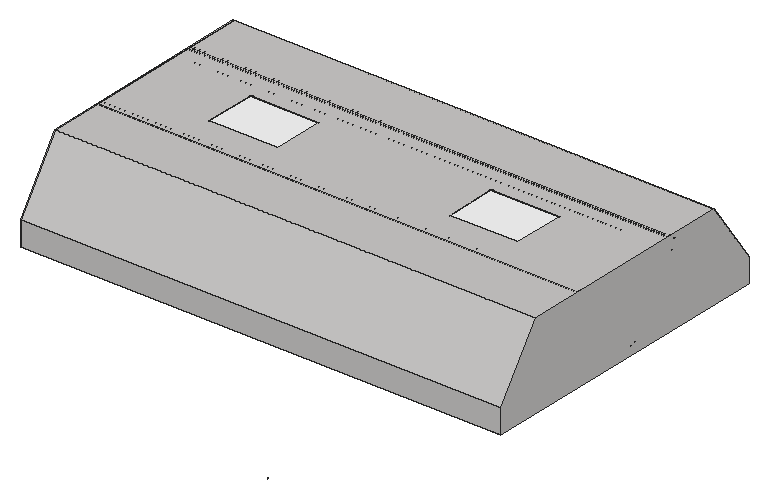
Revit family "QF_ELECTROLUXPROFESSIONAL_642360_BC1828DT", category Attrezzature speciali, Revit 2021
Family settings
  Quota connettore circolare = Usa diametro
  Tipo di parte = Normale
  Basato su piano di lavoro = No
  Sempre verticale = Sì
  Taglio con vuoti quando caricato = No
  Condiviso = No
  Punto di calcolo locali = No
Parameters (values of type "Standard")
  Weight = 92.00 kg
  Watts = 0 W
  Volts = 0 V
  URL Manufacturer = "https://www.electroluxprofessional.com/"
  URL = "https://www.electroluxprofessional.com/"
  Steam Supply Size = 0 mm
  Steam Supply Minimum Pressure = 0.0 Pa
  Steam Supply Maximum Pressure = 0.0 Pa
  Steam Consumption per Hour = 0
  Refrigeration Suction Line Size = 0 mm
  Refrigeration Liquid Line Size = 0 mm
  Refrigerant Compressor Remote = yes
  Prospetto di default = 0 mm
  Produttore = "Electrolux Professional"
  Phase = 0
  Modello = "BC1828DT"
  Length Actual = 2800 mm  # constant formula
  Item Number = "642360"
  Hot Water Size = 0 mm
  Height Actual = 500 mm  # constant formula
  HP = "0 HP"
  Gas Size = 0 mm
  Gas KW = 0
  Gas Input Pressure = 0 W
  Direct Waste Size = 0 mm
  Descrizione = "304 S/S ISLAND HOOD+FILTERS 2800X1800MM"
  Depth Actual = 1800 mm  # constant formula
  Cycle = 0 Hz
  Condensate Return Size = 0 mm
  Compressed Air Volume = 0.0 L/s
  Compressed Air Size = 0 mm
  Compressed Air Pressure = 0.0 Pa
  Cold Water Size = 0 mm
  Accessory = yes
Reference planes
  plane 1: z = 0
  plane 2 "Center (Left/Right)": x = 150
  plane 3 "LEFT": x = -1250
  plane 4 "RIGHT": x = 1550
  plane 5 "BACK": y = 550
  plane 6 "TOP": z = 2500
  plane 7 "Base": z = 2000
  plane 8: z = 1946
  plane 9: x = -1247
  plane 10 "DrainX": x = 1399
  plane 11 "AOLeft2": x = -350
  plane 12 "AORight1": x = 650
  plane 13: x = 1547
  plane 14: x = -1050
  plane 15: x = 1350
  plane 16: x = 50
  plane 17: x = 250
  plane 18 "AOLeft1": x = -750
  plane 19 "AORight2": x = 1050
  plane 20: y = -200
  plane 21: y = -500
  plane 22 "Center (Front/Back)": y = -350
  plane 23: y = -1250
  plane 24: through (0, -401.379, 2046.209) normal (0, 0.8019, 0.5974)
  plane 25: through (0, -298.621, 2046.209) normal (0, 0.8019, -0.5974)
  plane 26: z = 2140
Forms (mm)
  Extrusion 1, solid, material "QF_Finishes_Stainless Steel"
    sketch origin (-1250, 0, 360) x (0, 1, 0) y (0, 0, 1)
      loop
        line (550, 1640) -> (550, 1780) -> (299.446, 2140) -> (-999.446, 2140) -> (-1250, 1780) -> (-1250, 1640) -> (550, 1640)
    from 0 to 3
  Extrusion 2, solid, material "QF_Finishes_Stainless Steel"
    sketch origin (1550, 0, 360) x (0, 1, 0) y (0, 0, 1)
      loop
        line (550, 1640) -> (550, 1780) -> (299.446, 2140) -> (-999.446, 2140) -> (-1250, 1780) -> (-1250, 1640) -> (550, 1640)
    from 0 to -3
  Extrusion 3, solid, material "QF_Finishes_Stainless Steel"
    sketch origin (150, 0, 360) x (0, 1, 0) y (0, 0, 1)
      loop
        line (-999.446, 2140) -> (-1250, 1780) -> (-1250, 1640) -> (-1240, 1640) -> (-1240, 1640.8) -> (-1249.2, 1640.8) -> (-1249.2, 1779.739) -> (-999.025, 2139.19) -> (299.025, 2139.19) -> (549.2, 1779.739) -> (549.2, 1640.8) -> (540, 1640.8) -> (540, 1640) -> (550, 1640) -> (550, 1780) -> (299.446, 2140) -> (-999.446, 2140)
    from -1400 to 1400
  Extrusion 4, void
    sketch origin (0, 0, 2500) x (0, 1, 0) y (-1, 0, 0)
      loop
        line (-200, 350) -> (-200, 750) -> (-500, 750) -> (-500, 350) -> (-200, 350)
    from 0 to -10
  Extrusion 5, solid, material "QF_Finishes_Stainless Steel"
    sketch origin (0, 0, 0) x (1, 0, 0) y (0, 1, 0)
      loop
        line (-1250, 550) -> (-1250, 549) -> (-1249, 549) -> (-1249, 550) -> (-1250, 550)
    from 0 to 1
  Extrusion 6, solid, material "QF_Finishes_Stainless Steel"
    sketch origin (150, -400, 360) x (0, 1, 0) y (0, 0, 1)
      loop
        line (-298.883, 2085.553) -> (-1.379, 1686.209) -> (14.66, 1698.157) -> (-282.844, 2097.501) -> (-298.883, 2085.553)
      loop
        line (398.883, 2085.553) -> (382.844, 2097.501) -> (85.34, 1698.157) -> (101.379, 1686.209) -> (398.883, 2085.553)
    from -1200 to -1397
  Extrusion 7, solid, material "QF_Finishes_Stainless Steel"
    sketch origin (150, -400, 360) x (0, 1, 0) y (0, 0, 1)
      loop
        arc (116.056, 1704.554) -> (115.455, 1704.706) -> (114.923, 1704.389) r 0.81
        line (114.923, 1704.389) -> (100.465, 1684.991) -> (83.389, 1687.002) -> (86.391, 1712.615) -> (85.593, 1712.708) -> (82.594, 1687.095)
        arc (82.594, 1687.095) -> (82.763, 1686.499) -> (83.305, 1686.197) r 0.81
        line (83.305, 1686.197) -> (100.372, 1684.196)
        arc (100.372, 1684.196) -> (100.787, 1684.257) -> (101.116, 1684.517) r 0.81
        line (101.116, 1684.517) -> (115.564, 1703.911) -> (126.308, 1695.919) -> (100.145, 1660.79) -> (-0.145, 1660.79) -> (-26.308, 1695.919) -> (-15.564, 1703.911) -> (-1.116, 1684.517)
        arc (-1.116, 1684.517) -> (-0.787, 1684.257) -> (-0.372, 1684.196) r 0.81
        line (-0.372, 1684.196) -> (16.695, 1686.197)
        arc (16.695, 1686.197) -> (17.237, 1686.499) -> (17.406, 1687.095) r 0.81
        line (17.406, 1687.095) -> (14.407, 1712.708) -> (13.609, 1712.615) -> (16.611, 1687.002) -> (-0.465, 1684.991) -> (-14.923, 1704.389)
        arc (-14.923, 1704.389) -> (-15.455, 1704.706) -> (-16.056, 1704.554) r 0.81
        line (-16.056, 1704.554) -> (-26.786, 1696.561)
        arc (-26.786, 1696.561) -> (-27.103, 1696.028) -> (-26.951, 1695.427) r 0.81
        line (-26.951, 1695.427) -> (-0.843, 1660.381)
        arc (-0.843, 1660.381) -> (-0.5, 1660.093) -> (-0.063, 1659.99) r 0.972
        line (-0.063, 1659.99) -> (100.049, 1659.99)
        arc (100.049, 1659.99) -> (100.498, 1660.096) -> (100.851, 1660.393) r 1
        line (100.851, 1660.393) -> (126.951, 1695.427)
        arc (126.951, 1695.427) -> (127.103, 1696.028) -> (126.786, 1696.561) r 0.81
        line (126.786, 1696.561) -> (116.056, 1704.554)
      loop
        line (-292.735, 2139.19) -> (-292.735, 2129.205) -> (-317.587, 2110.686)
        arc (-317.587, 2110.686) -> (-317.904, 2110.153) -> (-317.752, 2109.552) r 0.81
        line (-317.752, 2109.552) -> (-284.894, 2065.446) -> (-295.625, 2057.438) -> (-295.147, 2056.796) -> (-284.418, 2064.79)
        arc (-284.418, 2064.79) -> (-284.1, 2065.322) -> (-284.252, 2065.923) r 0.81
        line (-284.252, 2065.923) -> (-317.117, 2110.038) -> (-291.935, 2128.798) -> (-291.935, 2138.4) -> (-262.776, 2138.4) -> (-262.776, 2070.563) -> (-261.976, 2069.49) -> (-261.976, 2139.19) -> (-292.735, 2139.19)
      loop
        line (392.735, 2139.19) -> (361.976, 2139.19) -> (361.976, 2069.49) -> (362.776, 2070.563) -> (362.776, 2138.4) -> (391.935, 2138.4) -> (391.935, 2128.798) -> (417.117, 2110.038) -> (384.252, 2065.923)
        arc (384.252, 2065.923) -> (384.1, 2065.322) -> (384.418, 2064.79) r 0.81
        line (384.418, 2064.79) -> (395.147, 2056.796) -> (395.625, 2057.438) -> (384.894, 2065.446) -> (417.752, 2109.552)
        arc (417.752, 2109.552) -> (417.904, 2110.153) -> (417.587, 2110.686) r 0.81
        line (417.587, 2110.686) -> (392.735, 2129.205) -> (392.735, 2139.19)
    from -1397 to 1397
  Extrusion 8, solid, material "QF_Finishes_Stainless Steel"
    sketch origin (150, -400, 360) x (0, 1, 0) y (0, 0, 1)
      loop
        line (-298.883, 2085.553) -> (-1.379, 1686.209) -> (14.66, 1698.157) -> (-282.844, 2097.501) -> (-298.883, 2085.553)
      loop
        line (398.883, 2085.553) -> (382.844, 2097.501) -> (85.34, 1698.157) -> (101.379, 1686.209) -> (398.883, 2085.553)
    from 1397 to 1200
  Extrusion 9, solid, material "QF_Finishes_Stainless Steel"
    sketch origin (150, -400, 360) x (0, 1, 0) y (0, 0, 1)
      loop
        line (-298.883, 2085.553) -> (-1.379, 1686.209) -> (14.66, 1698.157) -> (-282.844, 2097.501) -> (-298.883, 2085.553)
      loop
        line (398.883, 2085.553) -> (382.844, 2097.501) -> (85.34, 1698.157) -> (101.379, 1686.209) -> (398.883, 2085.553)
    from -100 to 100
  Extrusion 10, solid, material "QF_Finished_Chrome"
    sketch origin (150, -400, 360) x (0, 1, 0) y (0, 0, 1)
      loop
        line (-298.883, 2085.553) -> (-1.379, 1686.209) -> (14.66, 1698.157) -> (-282.844, 2097.501) -> (-298.883, 2085.553)
      loop
        line (398.883, 2085.553) -> (382.844, 2097.501) -> (85.34, 1698.157) -> (101.379, 1686.209) -> (398.883, 2085.553)
    from -1200 to -100
  Extrusion 11, solid, material "QF_Finished_Chrome"
    sketch origin (150, -400, 360) x (0, 1, 0) y (0, 0, 1)
      loop
        line (-298.883, 2085.553) -> (-1.379, 1686.209) -> (14.66, 1698.157) -> (-282.844, 2097.501) -> (-298.883, 2085.553)
      loop
        line (398.883, 2085.553) -> (382.844, 2097.501) -> (85.34, 1698.157) -> (101.379, 1686.209) -> (398.883, 2085.553)
    from 100 to 1200
  Sweep 12, solid, material "QF_Finishes_Stainless Steel"
    path origin (0, 0, 0) x (1, 0, 0) y (0, 1, 0)
      loop
        line (1550, 550) -> (-1250, 550) -> (-1250, -1250) -> (1550, -1250) -> (1550, 550)
    profile origin (1550, -350, 0) x (1, 0, 0) y (0, 0, 1)
      loop
        line (-3, 2000) -> (-3, 2000.8) -> (-19, 2000.8) -> (-19, 2010) -> (-20, 2010) -> (-20, 2000) -> (-3, 2000)
  Extrusion 13, void
    sketch origin (0, 0, 2500) x (0, 1, 0) y (-1, 0, 0)
      loop
        line (-200, -1050) -> (-200, -650) -> (-500, -650) -> (-500, -1050) -> (-200, -1050)
    from 0 to -10
  Extrusion 14, solid, material "QF_Finishes_Stainless Steel"
    sketch origin (1399, 0, 0) x (0, 1, 0) y (0, 0, 1)
      loop
        arc (-318.5, 1946) -> (-311.429, 1948.929) -> (-308.5, 1956) r 10
        line (-308.5, 1956) -> (-308.5, 2000.8) -> (-391.5, 2000.8) -> (-391.5, 1956)
        arc (-391.5, 1956) -> (-388.571, 1948.929) -> (-381.5, 1946) r 10
        line (-381.5, 1946) -> (-318.5, 1946)
    from -90 to 90
  Extrusion 15, solid, material "QF_Finishes_Stainless Steel"
    sketch origin (0, -1100, 2000) x (0, 1, 0) y (-1, 0, 0)
      loop
        circle (750, -1399) r 6.35
    from -3.799 to 0
Cuts and joins
  Extrusion 4, Extrusion 13 cuts Extrusion 3
  joined: Extrusion 2, Extrusion 3, Sweep 12
Lines and regions (mm)
  symbolic lines, style "SpecialityEquipment", detail levels coarse
    curve 1: line (1550, 550, 2500) -> (-1250, 550, 2500)
    curve 2: line (-1250, 550, 2500) -> (-1250, -1250.8, 2500)
    curve 3: line (1550, -1250.8, 2500) -> (1550, 550, 2500)
    curve 4: line (-1250, 299.446, 0) -> (1550, -999.446, 0)
    curve 5: line (1550, 299.446, 0) -> (-1250.605, -999.446, 0)
  symbolic lines, detail levels coarse
    curve 6: line (-750, -500, 0) -> (-350, -500, 0)
    curve 7: line (-750, -200, 0) -> (-750, -500, 0)
    curve 8: line (-350, -200, 0) -> (-750, -200, 0)
    curve 9: line (-350, -500, 0) -> (-350, -200, 0)
    curve 10: line (650, -200, 0) -> (650, -500, 0)
    curve 11: line (1050, -200, 0) -> (650, -200, 0)
    curve 12: line (1050, -500, 0) -> (1050, -200, 0)
    curve 13: line (650, -500, 0) -> (1050, -500, 0)
    curve 14: line (-1250.605, -999.446, 0) -> (1550, -999.446, 0)
    curve 15: line (1550, 299.446, 0) -> (-1250, 299.446, 0)
    curve 16: line (-1250, -1250.8, 0) -> (1550, -1250.8, 0)
Dimensions and locks
  plane 3 "LEFT" to plane 4 "RIGHT" = 2800 mm
  equal spacing: plane 3 "LEFT", plane 2 "Center (Left/Right)", plane 4 "RIGHT"
  plane 3 "LEFT" to plane 9 = 3 mm
  plane 10 "DrainX" to plane 4 "RIGHT" = 151 mm
  plane 13 to plane 4 "RIGHT" = 3 mm
  plane 3 "LEFT" to plane 14 = 200 mm
  plane 15 to plane 4 "RIGHT" = 200 mm
  locked: plane 11 "AOLeft2" to plane 12 "AORight1" at 1000
  equal spacing: plane 11 "AOLeft2", plane 2 "Center (Left/Right)", plane 12 "AORight1"
  locked: plane 7 "Base" to level at 2000
  locked: plane 16 to plane 17 at 200
  equal spacing: plane 16, plane 2 "Center (Left/Right)", plane 17
  plane 18 "AOLeft1" to plane 11 "AOLeft2" = 400 mm
  plane 12 "AORight1" to plane 19 "AORight2" = 400 mm
  plane 7 "Base" to plane 8 = 54 mm
  locked: plane 6 "TOP" to plane 7 "Base" at 500
  plane 5 "BACK" to plane 23 = 1800 mm  (x2)
  equal spacing: plane 5 "BACK", plane 22 "Center (Front/Back)", plane 23
  plane 21 to plane 20 = 300 mm
  equal spacing: plane 21, plane 22 "Center (Front/Back)", plane 20
  plane 26 to plane 7 "Base" = 140 mm
  aligned and locked: level to plane 1
  aligned and locked: plane 4 "RIGHT" to Extrusion 3
  aligned and locked: Extrusion 3 to plane 3 "LEFT"
  aligned and locked: Extrusion 6 to plane 9
  aligned and locked: plane 14 to Extrusion 6
  aligned and locked: Extrusion 2 to plane 13
  aligned and locked: plane 13 to Extrusion 8
  aligned and locked: Extrusion 8 to plane 15
  aligned and locked: plane 17 to Extrusion 9
  aligned and locked: Extrusion 9 to plane 16
  aligned and locked: plane 16 to Extrusion 10
  aligned and locked: Extrusion 10 to plane 14
  aligned and locked: Extrusion 11 to plane 17
  aligned and locked: Extrusion 11 to plane 15
  aligned and locked: Extrusion 7 to plane 9
  aligned and locked: plane 13 to Extrusion 7
  aligned and locked: Extrusion 4 to plane 18 "AOLeft1"
  aligned and locked: Extrusion 4 to plane 11 "AOLeft2"
  aligned and locked: plane 12 "AORight1" to Extrusion 13
  aligned and locked: plane 19 "AORight2" to Extrusion 13
  aligned and locked: plane 21 to Extrusion 13
  aligned and locked: plane 21 to Extrusion 4
  aligned and locked: plane 20 to Extrusion 13
  aligned and locked: plane 20 to Extrusion 4
  aligned and locked: curve 6 to Extrusion 4
  aligned and locked: curve 7 to Extrusion 4
  aligned and locked: curve 8 to Extrusion 4
  aligned and locked: curve 9 to Extrusion 4
  aligned and locked: curve 10 to Extrusion 13
  aligned and locked: curve 11 to Extrusion 13
  aligned and locked: curve 12 to Extrusion 13
  aligned and locked: curve 13 to Extrusion 13
Automatic sketch dimensions
  curve 2 to plane 3 "LEFT" = 0 mm
  curve 3 to plane 4 "RIGHT" = 0 mm
  curve 2 to plane 5 "BACK" = 0 mm
  Extrusion 4 sketch curve to plane 11 "AOLeft2" = 0 mm
  Extrusion 4 sketch curve to plane 18 "AOLeft1" = 0 mm
  Extrusion 5 sketch curve to plane 3 "LEFT" = 0 mm
  Extrusion 5 sketch curve to plane 5 "BACK" = 0 mm
  plane 3 "LEFT" to Extrusion 5 sketch curve = 1 mm
  Extrusion 5 sketch curve to Extrusion 5 sketch curve = 1 mm
  Sweep 12 sketch curve to plane 3 "LEFT" = 0 mm
  Sweep 12 sketch curve to plane 4 "RIGHT" = 0 mm
  Sweep 12 sketch curve to plane 5 "BACK" = 0 mm
  profile plane to Sweep 12 sketch curve = 20 mm
  Sweep 12 sketch curve to Sweep 12 sketch curve = 1 mm
  profile plane to Sweep 12 sketch curve = 3 mm
  level to Sweep 12 sketch curve = 2000 mm
  Sweep 12 sketch curve to Sweep 12 sketch curve = 0.8 mm
  Sweep 12 sketch curve to Sweep 12 sketch curve = 9.2 mm
  Extrusion 13 sketch curve to plane 11 "AOLeft2" = 1400 mm
  plane 18 "AOLeft1" to Extrusion 13 sketch curve = 1400 mm
  Extrusion 13 sketch curve to Extrusion 13 sketch curve = 300 mm
  Extrusion 13 sketch curve to plane 20 = 0 mm
  plane 21 to curve 3 = 750.8 mm
  plane 21 to curve 2 = 750.8 mm
  plane 21 to Sweep 12 sketch curve = 750 mm
  plane 21 to Extrusion 4 sketch curve = 0 mm
  Extrusion 4 sketch curve to plane 20 = 0 mm
  Extrusion 15 sketch curve to plane 10 "DrainX" = 0 mm
  Extrusion 15 sketch curve to plane 22 "Center (Front/Back)" = 0 mm
  Extrusion 14 sketch curve to plane 8 = 0 mm
  plane 8 to Extrusion 14 sketch curve = 10 mm
  Extrusion 14 sketch curve to plane 22 "Center (Front/Back)" = 41.5 mm
  plane 22 "Center (Front/Back)" to Extrusion 14 sketch curve = 31.5 mm
  plane 7 "Base" to Extrusion 14 sketch curve = 0.8 mm
  plane 22 "Center (Front/Back)" to Extrusion 14 sketch curve = 41.5 mm
  plane 21 to Extrusion 6 sketch curve = 198.883 mm
  Extrusion 6 sketch curve to plane 6 "TOP" = 42.499 mm  (x2)
  Extrusion 6 sketch curve to Extrusion 6 sketch curve = 16.039 mm  (x2)
  Extrusion 6 sketch curve to plane 22 "Center (Front/Back)" = 51.379 mm
  plane 22 "Center (Front/Back)" to Extrusion 6 sketch curve = 35.34 mm
  plane 20 to Extrusion 6 sketch curve = 182.844 mm
  Extrusion 6 sketch curve to Extrusion 6 sketch curve = 11.948 mm  (x2)
  Extrusion 7 sketch curve to plane 6 "TOP" = 30.448 mm  (x2)
  plane 21 to Extrusion 7 sketch curve = 217.752 mm
  Extrusion 7 sketch curve to plane 6 "TOP" = 29.314 mm  (x2)
  Extrusion 7 sketch curve to Extrusion 7 sketch curve = 0.166 mm  (x3)
  Extrusion 7 sketch curve to plane 6 "TOP" = 29.962 mm  (x2)
  Extrusion 7 sketch curve to Extrusion 7 sketch curve = 0.47 mm  (x2)
  Extrusion 7 sketch curve to Extrusion 7 sketch curve = 0.014 mm  (x2)
  Extrusion 7 sketch curve to plane 6 "TOP" = 82.562 mm  (x2)
  Extrusion 7 sketch curve to Extrusion 7 sketch curve = 22.127 mm
  Extrusion 7 sketch curve to plane 6 "TOP" = 83.204 mm  (x2)
  Extrusion 7 sketch curve to Extrusion 7 sketch curve = 0.478 mm  (x5)
  Extrusion 7 sketch curve to plane 6 "TOP" = 0.81 mm  (x2)
  Extrusion 7 sketch curve to Extrusion 7 sketch curve = 24.852 mm
  Extrusion 7 sketch curve to Extrusion 7 sketch curve = 0.8 mm  (x5)
  Extrusion 7 sketch curve to Extrusion 7 sketch curve = 10.724 mm
  Extrusion 7 sketch curve to plane 6 "TOP" = 74.554 mm  (x2)
  Extrusion 7 sketch curve to Extrusion 7 sketch curve = 0.008 mm  (x6)
  Extrusion 7 sketch curve to plane 6 "TOP" = 75.21 mm  (x2)
  Extrusion 7 sketch curve to plane 6 "TOP" = 74.077 mm  (x2)
  Extrusion 7 sketch curve to Extrusion 7 sketch curve = 0.642 mm  (x2)
  Extrusion 7 sketch curve to plane 6 "TOP" = 69.437 mm  (x2)
  Extrusion 7 sketch curve to Extrusion 7 sketch curve = 21.476 mm  (x2)
  Extrusion 7 sketch curve to plane 21 = 73.049 mm
  Extrusion 7 sketch curve to Extrusion 7 sketch curve = 0.006 mm  (x4)
  Extrusion 7 sketch curve to Extrusion 7 sketch curve = 10.73 mm  (x3)
  Extrusion 7 sketch curve to Extrusion 7 sketch curve = 0.484 mm  (x4)
  Extrusion 7 sketch curve to Extrusion 7 sketch curve = 0.641 mm  (x2)
  Extrusion 7 sketch curve to Extrusion 7 sketch curve = 14.448 mm
  plane 7 "Base" to Extrusion 7 sketch curve = 20.381 mm
  Extrusion 7 sketch curve to Extrusion 7 sketch curve = 0.273 mm
  Extrusion 7 sketch curve to Extrusion 7 sketch curve = 0.65 mm  (x2)
  Extrusion 7 sketch curve to Extrusion 7 sketch curve = 0.001 mm  (x4)
  Extrusion 7 sketch curve to Extrusion 7 sketch curve = 0.093 mm  (x2)
  plane 7 "Base" to Extrusion 7 sketch curve = 20.79 mm
  Extrusion 7 sketch curve to Extrusion 7 sketch curve = 0.698 mm
  Extrusion 7 sketch curve to Extrusion 7 sketch curve = 0.081 mm
  Extrusion 7 sketch curve to Extrusion 7 sketch curve = 28.531 mm
  Extrusion 7 sketch curve to Extrusion 7 sketch curve = 0.799 mm  (x2)
  Extrusion 7 sketch curve to Extrusion 7 sketch curve = 17.067 mm  (x2)
  Extrusion 7 sketch curve to Extrusion 7 sketch curve = 0.01 mm  (x4)
  Extrusion 7 sketch curve to Extrusion 7 sketch curve = 0.094 mm
  Extrusion 7 sketch curve to Extrusion 7 sketch curve = 0.795 mm  (x2)
  plane 22 "Center (Front/Back)" to Extrusion 7 sketch curve = 32.594 mm
  Extrusion 7 sketch curve to Extrusion 7 sketch curve = 0.71 mm
  Extrusion 7 sketch curve to Extrusion 7 sketch curve = 2.998 mm
  Extrusion 7 sketch curve to Extrusion 7 sketch curve = 16.745 mm
  Extrusion 7 sketch curve to Extrusion 7 sketch curve = 0.095 mm
  plane 7 "Base" to Extrusion 7 sketch curve = 20.393 mm
  Extrusion 7 sketch curve to Extrusion 7 sketch curve = 0.707 mm
  Extrusion 7 sketch curve to Extrusion 7 sketch curve = 0.651 mm
  Extrusion 7 sketch curve to Extrusion 7 sketch curve = 14.456 mm
  Extrusion 7 sketch curve to plane 6 "TOP" = 70.51 mm  (x2)
  plane 20 to Extrusion 7 sketch curve = 161.976 mm
  Extrusion 7 sketch curve to plane 6 "TOP" = 1.6 mm
  Extrusion 7 sketch curve to Extrusion 7 sketch curve = 29.159 mm
  Extrusion 7 sketch curve to Extrusion 7 sketch curve = 24.368 mm
  Extrusion 7 sketch curve to Extrusion 7 sketch curve = 0.636 mm
  Extrusion 7 sketch curve to Extrusion 7 sketch curve = 23.206 mm
  Extrusion 7 sketch curve to Extrusion 7 sketch curve = 23.234 mm
  Extrusion 7 sketch curve to Extrusion 7 sketch curve = 0.321 mm  (x2)
  Extrusion 7 sketch curve to Extrusion 7 sketch curve = 2.001 mm  (x2)
  Extrusion 7 sketch curve to Extrusion 7 sketch curve = 0.804 mm  (x2)
  Extrusion 7 sketch curve to Extrusion 7 sketch curve = 10.911 mm  (x2)
  Extrusion 7 sketch curve to Extrusion 7 sketch curve = 7.993 mm  (x2)
  Extrusion 7 sketch curve to Extrusion 7 sketch curve = 25.613 mm  (x2)
  Extrusion 7 sketch curve to Extrusion 7 sketch curve = 0.407 mm  (x2)
  Extrusion 7 sketch curve to Extrusion 7 sketch curve = 0.79 mm
  Extrusion 3 sketch curve to plane 7 "Base" = 0 mm  (x2)
  Extrusion 3 sketch curve to plane 23 = 0 mm
  Extrusion 3 sketch curve to plane 5 "BACK" = 0 mm
  plane 23 to Extrusion 3 sketch curve = 0.8 mm
  plane 7 "Base" to Extrusion 3 sketch curve = 0.8 mm  (x2)
  Extrusion 3 sketch curve to Extrusion 3 sketch curve = 9.2 mm
  plane 23 to Extrusion 3 sketch curve = 250.554 mm
  Extrusion 3 sketch curve to Extrusion 3 sketch curve = 0.421 mm  (x2)
  Extrusion 3 sketch curve to plane 6 "TOP" = 0.81 mm
  Extrusion 3 sketch curve to plane 5 "BACK" = 250.975 mm
  Extrusion 3 sketch curve to plane 5 "BACK" = 10 mm
  Extrusion 3 sketch curve to plane 5 "BACK" = 0.8 mm
  Extrusion 3 sketch curve to Extrusion 3 sketch curve = 138.939 mm  (x2)
  Extrusion 3 sketch curve to Extrusion 3 sketch curve = 0.261 mm  (x2)
  Extrusion 3 sketch curve to plane 6 "TOP" = 0 mm
  Extrusion 1 sketch curve to plane 7 "Base" = 0 mm
  Extrusion 1 sketch curve to plane 23 = 0 mm
  Extrusion 1 sketch curve to plane 6 "TOP" = 0 mm
  Extrusion 1 sketch curve to plane 5 "BACK" = 0 mm
  Extrusion 1 sketch curve to plane 5 "BACK" = 250.554 mm
  plane 7 "Base" to Extrusion 1 sketch curve = 140 mm
  Extrusion 1 sketch curve to Extrusion 1 sketch curve = 140 mm
  plane 23 to Extrusion 1 sketch curve = 250.554 mm
  plane 21 to Extrusion 10 sketch curve = 198.883 mm
  Extrusion 10 sketch curve to plane 6 "TOP" = 42.499 mm  (x2)
  Extrusion 10 sketch curve to Extrusion 10 sketch curve = 16.039 mm  (x2)
  Extrusion 10 sketch curve to plane 22 "Center (Front/Back)" = 51.379 mm
  plane 22 "Center (Front/Back)" to Extrusion 10 sketch curve = 35.34 mm
  plane 20 to Extrusion 10 sketch curve = 182.844 mm
  Extrusion 10 sketch curve to Extrusion 10 sketch curve = 11.948 mm  (x2)
  plane 21 to Extrusion 9 sketch curve = 198.883 mm
  Extrusion 9 sketch curve to plane 6 "TOP" = 42.499 mm  (x2)
  Extrusion 9 sketch curve to Extrusion 9 sketch curve = 16.039 mm  (x2)
  Extrusion 9 sketch curve to plane 22 "Center (Front/Back)" = 51.379 mm
  plane 22 "Center (Front/Back)" to Extrusion 9 sketch curve = 35.34 mm
  plane 20 to Extrusion 9 sketch curve = 182.844 mm
  Extrusion 9 sketch curve to Extrusion 9 sketch curve = 11.948 mm  (x2)
  plane 21 to Extrusion 11 sketch curve = 198.883 mm
  Extrusion 11 sketch curve to plane 6 "TOP" = 42.499 mm  (x2)
  Extrusion 11 sketch curve to Extrusion 11 sketch curve = 16.039 mm  (x2)
  Extrusion 11 sketch curve to plane 22 "Center (Front/Back)" = 51.379 mm
  plane 22 "Center (Front/Back)" to Extrusion 11 sketch curve = 35.34 mm
  plane 20 to Extrusion 11 sketch curve = 182.844 mm
  Extrusion 11 sketch curve to Extrusion 11 sketch curve = 11.948 mm  (x2)
  plane 21 to Extrusion 8 sketch curve = 198.883 mm
  Extrusion 8 sketch curve to plane 6 "TOP" = 42.499 mm  (x2)
  Extrusion 8 sketch curve to Extrusion 8 sketch curve = 16.039 mm  (x2)
  Extrusion 8 sketch curve to plane 22 "Center (Front/Back)" = 51.379 mm
  plane 22 "Center (Front/Back)" to Extrusion 8 sketch curve = 35.34 mm
  plane 20 to Extrusion 8 sketch curve = 182.844 mm
  Extrusion 8 sketch curve to Extrusion 8 sketch curve = 11.948 mm  (x2)
  Extrusion 2 sketch curve to plane 7 "Base" = 0 mm
  Extrusion 2 sketch curve to plane 23 = 0 mm
  Extrusion 2 sketch curve to plane 6 "TOP" = 0 mm
  Extrusion 2 sketch curve to plane 5 "BACK" = 0 mm
  Extrusion 2 sketch curve to plane 26 = 0 mm  (x2)
  Extrusion 2 sketch curve to plane 5 "BACK" = 250.554 mm
  plane 23 to Extrusion 2 sketch curve = 250.554 mm
  curve 15 to plane 3 "LEFT" = 0 mm
  curve 16 to plane 3 "LEFT" = 0 mm
  curve 14 to plane 4 "RIGHT" = 0 mm
  curve 15 to plane 4 "RIGHT" = 0 mm
  curve 16 to plane 4 "RIGHT" = 0 mm
  curve 14 to plane 3 "LEFT" = 0.605 mm
  plane 23 to curve 14 = 250.554 mm
  curve 15 to plane 5 "BACK" = 250.554 mm
  curve 16 to plane 23 = 0.8 mm
  radius of Extrusion 15 sketch curve = 6.35 mm
Connectors
  hvac at (-550, -350, 2500)
    settings: on Extrusion 4, index 2, duct flow 0.0 L/s, flow factor 0, pres drop 0.0 Pa, loss coef 0, conn angle 0.00°, conn width 300 mm, conn height 400 mm, conn diameter 609.6 mm, duct sys type 3, conn prof type 1, flow config 1, flow direction 2, loss method 0, conn ref index -1, conn util no, is conn primary yes, conn desc "EXHAUST OUTLET"
  hvac at (850, -350, 2500)
    settings: on Extrusion 13, index 3, duct flow 0.0 L/s, flow factor 0, pres drop 0.0 Pa, loss coef 0, conn angle 0.00°, conn width 300 mm, conn height 400 mm, conn diameter 609.6 mm, duct sys type 3, conn prof type 1, flow config 1, flow direction 2, loss method 0, conn ref index -1, conn util no, is conn primary no, conn desc "EXHAUST OUTLET"
  piping at (1399, -350, 1996.201), diameter 12.7
    settings: on Extrusion 15, index 4, connector inside diameter 609.6 mm, connector length 0 mm, flow factor 0, pipe flow 0.0 L/s, pressure drop 0.0 Pa, fitting loss kfactor 0, connector angle 0.00°, fixture units 0, engagement length 0 mm, angle of deflection 0.00°, flow configuration 1, flow direction 2, fitting loss method 0, system type 16, joint type 0, gender type 0, connector reference index -1, connector utility 0, adjustable connector no, is connector primary yes, connector description "Drain"
